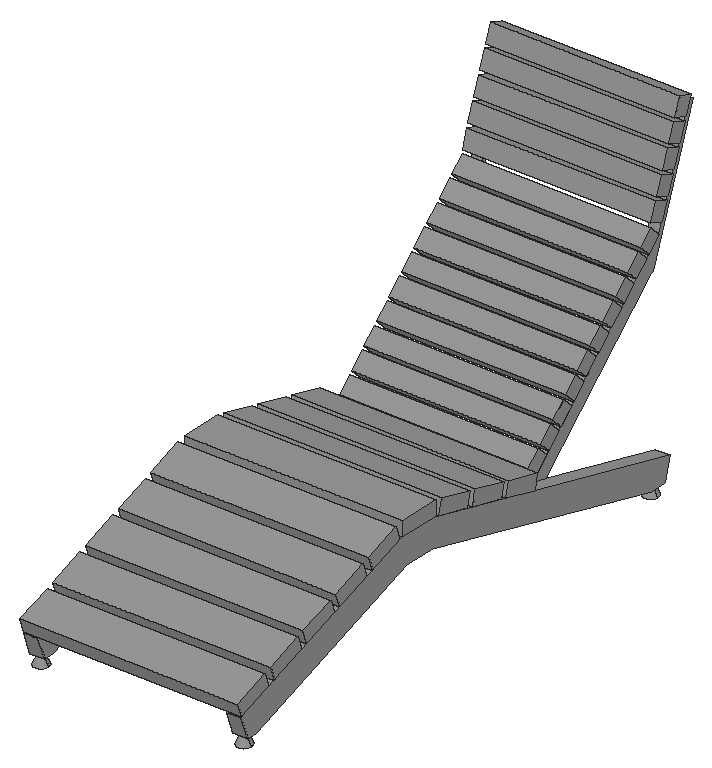
Revit family "11061 Лежак «Городской» Хоббика", category Антураж, Revit 2018
Family settings
  На основе рабочей плоскости = Нет
  Всегда вертикально = Да
  При загрузке вырезать с полостями = Нет
  Источник визуального образа = Геометрия семейства
  Общий = Нет
  Точка расчета площади = Нет
Parameters (values of type "Лежак «Городской»")
  Ширина = 600 mm  # constant formula
  Цвет отделки = Дерево
  Цвет каркаса = Сталь
  Описание = "Лежак «Городской»"  # constant formula
  Материал изделия = "Сталь, дерево"  # constant formula
  Изображение типоразмера = Лежак «Городской» Арт 11061.jpg
  Изготовитель = "ООО «Хоббика»"  # constant formula
  Длина = 1633 mm  # constant formula
  Группа модели = "Лежаки и шезлонги"  # constant formula
  Высота = 930 mm  # constant formula
  Артикул товара = "Арт. 11061"  # constant formula
  URL = "https://hobbyka.ru/product/lezhak_gorodskoy"
Reference planes
  plane 1 "По центру (Вперед/Назад)": y = 0
  plane 2: z = 0
  plane 3 "По центру (Влево/Вправо)": x = 0
  plane 4: x = 600
  plane 5: y = 1633
  plane 6: z = 930
Forms (mm)
  Extrusion 1, solid, material "Сталь" <- "Цвет каркаса"
    sketch origin (0, 0, 0) x (0, 1, 0) y (0, 0, 1)
      loop
        line (1504.376, 87.334) -> (698.397, 290) -> (584.774, 290) -> (26.497, 86.804) -> (48.735, 25.706) -> (77.918, 25.706) -> (597.999, 215) -> (689.189, 215) -> (1441.405, 25.706) -> (1488.879, 25.706) -> (1504.376, 87.334)
    from 0 to 40
  Extrusion 2, solid, material "Сталь" <- "Цвет каркаса"
    sketch origin (0, 0, 0) x (0, 1, 0) y (0, 0, 1)
      loop
        line (1504.376, 87.334) -> (698.397, 290) -> (584.774, 290) -> (26.497, 86.804) -> (48.735, 25.706) -> (77.918, 25.706) -> (597.999, 215) -> (689.189, 215) -> (1441.405, 25.706) -> (1488.879, 25.706) -> (1504.376, 87.334)
    from 560 to 600
  Extrusion 3, solid, material "Сталь" <- "Цвет каркаса"
    sketch origin (0, 0, 0) x (0, 1, 0) y (0, 0, 1)
      loop
        line (1633, 900) -> (1623.603, 903.42) -> (1517.891, 612.98) -> (1015.925, 131.79) -> (1061.797, 120.353) -> (1487.902, 528.821) -> (1497.902, 528.821) -> (1633, 900)
    from 40 to 70
  Extrusion 4, solid, material "Сталь" <- "Цвет каркаса"
    sketch origin (0, 0, 0) x (0, 1, 0) y (0, 0, 1)
      loop
        line (1633, 900) -> (1623.603, 903.42) -> (1517.891, 612.98) -> (1015.925, 131.79) -> (1061.797, 120.353) -> (1487.902, 528.821) -> (1497.902, 528.821) -> (1633, 900)
    from 530 to 560
  Extrusion 5, solid, material "Дерево" <- "Цвет отделки"
    sketch origin (0, 0, 0) x (0, 1, 0) y (0, 0, 1)
      loop
        line (698.397, 290) -> (698.397, 330) -> (583.397, 330) -> (583.397, 290) -> (698.397, 290)
      loop
        line (574.162, 286.137) -> (560.481, 323.725) -> (466.511, 289.523) -> (480.192, 251.935) -> (574.162, 286.137)
      loop
        line (461.398, 245.095) -> (447.718, 282.683) -> (353.748, 248.481) -> (367.429, 210.893) -> (461.398, 245.095)
      loop
        line (348.635, 204.053) -> (334.955, 241.64) -> (240.985, 207.438) -> (254.666, 169.851) -> (348.635, 204.053)
      loop
        line (235.872, 163.01) -> (222.191, 200.598) -> (128.222, 166.396) -> (141.903, 128.808) -> (235.872, 163.01)
      loop
        line (123.109, 121.968) -> (109.428, 159.555) -> (15.459, 125.353) -> (29.14, 87.766) -> (123.109, 121.968)
      loop
        line (708.1, 287.581) -> (805.13, 263.389) -> (814.807, 302.2) -> (717.777, 326.393) -> (708.1, 287.581)
      loop
        line (824.536, 258.55) -> (921.565, 234.358) -> (931.242, 273.17) -> (834.213, 297.362) -> (824.536, 258.55)
      loop
        line (940.971, 229.52) -> (1038.001, 205.327) -> (1047.678, 244.139) -> (950.648, 268.331) -> (940.971, 229.52)
    from 0 to 600
  Extrusion 6, solid, material "Дерево" <- "Цвет отделки"
    sketch origin (0, 0, 0) x (0, 1, 0) y (0, 0, 1)
      loop
        line (1517.891, 612.98) -> (1490.205, 641.862) -> (1454.11, 607.261) -> (1481.797, 578.379) -> (1517.891, 612.98)
      loop
        line (1474.578, 571.459) -> (1446.891, 600.341) -> (1410.797, 565.741) -> (1438.484, 536.859) -> (1474.578, 571.459)
      loop
        line (1431.265, 529.939) -> (1403.578, 558.821) -> (1367.484, 524.22) -> (1395.17, 495.338) -> (1431.265, 529.939)
      loop
        line (1387.951, 488.418) -> (1360.265, 517.3) -> (1324.17, 482.7) -> (1351.857, 453.818) -> (1387.951, 488.418)
      loop
        line (1344.638, 446.897) -> (1316.951, 475.779) -> (1280.857, 441.179) -> (1308.544, 412.297) -> (1344.638, 446.897)
      loop
        line (1301.325, 405.377) -> (1273.638, 434.259) -> (1237.544, 399.658) -> (1265.23, 370.776) -> (1301.325, 405.377)
      loop
        line (1258.898, 362.951) -> (1231.212, 391.832) -> (1195.117, 357.232) -> (1222.804, 328.35) -> (1258.898, 362.951)
      loop
        line (1215.585, 321.43) -> (1187.898, 350.312) -> (1151.804, 315.712) -> (1179.491, 286.83) -> (1215.585, 321.43)
      loop
        line (1173.159, 279.004) -> (1145.472, 307.886) -> (1109.378, 273.285) -> (1137.064, 244.403) -> (1173.159, 279.004)
      loop
        line (1129.845, 237.483) -> (1102.159, 266.365) -> (1066.064, 231.765) -> (1093.751, 202.883) -> (1129.845, 237.483)
      loop
        line (1527.355, 638.982) -> (1544.456, 685.966) -> (1506.869, 699.647) -> (1489.768, 652.663) -> (1527.355, 638.982)
      loop
        line (1547.877, 695.363) -> (1564.978, 742.348) -> (1527.39, 756.029) -> (1510.289, 709.044) -> (1547.877, 695.363)
      loop
        line (1568.398, 751.745) -> (1585.499, 798.729) -> (1547.911, 812.41) -> (1530.81, 765.426) -> (1568.398, 751.745)
      loop
        line (1588.919, 808.126) -> (1606.02, 855.111) -> (1568.432, 868.792) -> (1551.331, 821.807) -> (1588.919, 808.126)
      loop
        line (1609.44, 864.508) -> (1626.541, 911.493) -> (1588.953, 925.173) -> (1571.852, 878.189) -> (1609.44, 864.508)
    from 40 to 560
  Blend 7, solid, material "Сталь" <- "Цвет каркаса"
    base sketch origin (-150, -31.42, 0) x (1, 0, 0) y (0, 1, 0)
      loop
        circle (170, 1496.562) r 20
    top sketch origin (-150, -31.42, 0) x (1, 0, 0) y (0, 1, 0)
      loop
        circle (170, 1496.562) r 7.5
    from 0 to 25.706
  Blend 8, solid, material "Сталь" <- "Цвет каркаса"
    base sketch origin (-150, -1440.236, 0) x (1, 0, 0) y (0, 1, 0)
      loop
        circle (170, 1503.562) r 20
    top sketch origin (-150, -1440.236, 0) x (1, 0, 0) y (0, 1, 0)
      loop
        circle (170, 1503.562) r 7.5
    from 0 to 25.706
  Blend 9, solid, material "Сталь" <- "Цвет каркаса"
    base sketch origin (590, -31.42, 0) x (1, 0, 0) y (0, 1, 0)
      loop
        circle (-10, 1496.562) r 20
    top sketch origin (590, -31.42, 0) x (1, 0, 0) y (0, 1, 0)
      loop
        circle (-10, 1496.562) r 7.5
    from 0 to 25.706
  Blend 10, solid, material "Сталь" <- "Цвет каркаса"
    base sketch origin (590, -1440.236, 0) x (1, 0, 0) y (0, 1, 0)
      loop
        circle (-10, 1503.562) r 20
    top sketch origin (590, -1440.236, 0) x (1, 0, 0) y (0, 1, 0)
      loop
        circle (-10, 1503.562) r 7.5
    from 0 to 25.706
Lines and regions (mm)
  symbolic lines
    curve 1: line (0, 1293, 0) -> (0, 1853, 0)
Dimensions and locks
  "Длина": plane 5 to plane 1 "По центру (Вперед/Назад)"
  "Ширина": plane 3 "По центру (Влево/Вправо)" to plane 4
  "Высота": plane 6 to plane 2
  aligned and locked: level to plane 2
Automatic sketch dimensions
  Extrusion 1 sketch curve to plane 1 "По центру (Вперед/Назад)" = 26.497 mm
  level to Extrusion 1 sketch curve = 25.706 mm  (x2)
  Extrusion 1 sketch curve to plane 1 "По центру (Вперед/Назад)" = 48.735 mm
  Extrusion 1 sketch curve to Extrusion 1 sketch curve = 29.183 mm
  level to Extrusion 1 sketch curve = 290 mm
  Extrusion 1 sketch curve to Extrusion 1 sketch curve = 506.856 mm
  level to Extrusion 1 sketch curve = 215 mm
  Extrusion 1 sketch curve to Extrusion 1 sketch curve = 13.225 mm
  Extrusion 1 sketch curve to Extrusion 1 sketch curve = 91.19 mm
  Extrusion 1 sketch curve to Extrusion 1 sketch curve = 9.209 mm
  Extrusion 1 sketch curve to plane 5 = 191.595 mm
  Extrusion 1 sketch curve to Extrusion 1 sketch curve = 47.475 mm
  level to Extrusion 1 sketch curve = 87.334 mm
  Extrusion 2 sketch curve to plane 1 "По центру (Вперед/Назад)" = 26.497 mm
  level to Extrusion 2 sketch curve = 25.706 mm  (x2)
  Extrusion 2 sketch curve to plane 1 "По центру (Вперед/Назад)" = 48.735 mm
  Extrusion 2 sketch curve to Extrusion 2 sketch curve = 29.183 mm
  level to Extrusion 2 sketch curve = 290 mm
  Extrusion 2 sketch curve to Extrusion 2 sketch curve = 506.856 mm
  level to Extrusion 2 sketch curve = 215 mm
  Extrusion 2 sketch curve to Extrusion 2 sketch curve = 13.225 mm
  Extrusion 2 sketch curve to Extrusion 2 sketch curve = 91.19 mm
  Extrusion 2 sketch curve to Extrusion 2 sketch curve = 9.209 mm
  Extrusion 2 sketch curve to plane 5 = 191.595 mm
  Extrusion 2 sketch curve to Extrusion 2 sketch curve = 47.475 mm
  level to Extrusion 2 sketch curve = 87.334 mm
  Extrusion 3 sketch curve to plane 5 = 0 mm
  Extrusion 3 sketch curve to plane 5 = 9.397 mm
  Extrusion 3 sketch curve to plane 5 = 115.109 mm
  Extrusion 3 sketch curve to Extrusion 3 sketch curve = 19.989 mm
  Extrusion 3 sketch curve to Extrusion 3 sketch curve = 10 mm
  level to Extrusion 3 sketch curve = 120.353 mm
  Extrusion 3 sketch curve to plane 5 = 571.203 mm
  level to Extrusion 3 sketch curve = 131.79 mm
  Extrusion 3 sketch curve to Extrusion 3 sketch curve = 45.872 mm
  Extrusion 3 sketch curve to plane 6 = 401.179 mm
  Extrusion 3 sketch curve to Extrusion 3 sketch curve = 84.158 mm
  Extrusion 4 sketch curve to plane 5 = 0 mm
  Extrusion 4 sketch curve to plane 5 = 9.397 mm
  Extrusion 4 sketch curve to plane 5 = 115.109 mm
  Extrusion 4 sketch curve to Extrusion 4 sketch curve = 19.989 mm
  Extrusion 4 sketch curve to Extrusion 4 sketch curve = 10 mm
  level to Extrusion 4 sketch curve = 120.353 mm
  Extrusion 4 sketch curve to plane 5 = 571.203 mm
  level to Extrusion 4 sketch curve = 131.79 mm
  Extrusion 4 sketch curve to Extrusion 4 sketch curve = 45.872 mm
  Extrusion 4 sketch curve to plane 6 = 401.179 mm
  Extrusion 4 sketch curve to Extrusion 4 sketch curve = 84.158 mm
  Extrusion 5 sketch curve to plane 1 "По центру (Вперед/Назад)" = 15.459 mm
  Extrusion 5 sketch curve to plane 1 "По центру (Вперед/Назад)" = 29.14 mm
  Extrusion 5 sketch curve to Extrusion 5 sketch curve = 93.969 mm  (x5)
  Extrusion 5 sketch curve to Extrusion 5 sketch curve = 18.794 mm  (x8)
  level to Extrusion 5 sketch curve = 169.851 mm
  level to Extrusion 5 sketch curve = 241.64 mm
  level to Extrusion 5 sketch curve = 210.893 mm
  level to Extrusion 5 sketch curve = 282.683 mm
  level to Extrusion 5 sketch curve = 251.935 mm
  level to Extrusion 5 sketch curve = 323.725 mm
  Extrusion 5 sketch curve to Extrusion 5 sketch curve = 22.917 mm
  Extrusion 5 sketch curve to Extrusion 5 sketch curve = 115 mm
  level to Extrusion 5 sketch curve = 287.581 mm
  Extrusion 5 sketch curve to Extrusion 5 sketch curve = 9.703 mm
  level to Extrusion 5 sketch curve = 326.393 mm
  Extrusion 5 sketch curve to Extrusion 5 sketch curve = 19.38 mm
  level to Extrusion 5 sketch curve = 263.389 mm
  level to Extrusion 5 sketch curve = 258.55 mm
  Extrusion 5 sketch curve to Extrusion 5 sketch curve = 19.406 mm  (x4)
  level to Extrusion 5 sketch curve = 297.362 mm
  level to Extrusion 5 sketch curve = 234.358 mm
  level to Extrusion 5 sketch curve = 229.52 mm
  level to Extrusion 5 sketch curve = 268.331 mm
  level to Extrusion 5 sketch curve = 205.327 mm
  Extrusion 5 sketch curve to Extrusion 5 sketch curve = 41.042 mm
  Extrusion 5 sketch curve to Extrusion 5 sketch curve = 6.84 mm  (x2)
  Extrusion 5 sketch curve to Extrusion 5 sketch curve = 34.202 mm
  Extrusion 5 sketch curve to Extrusion 5 sketch curve = 2.419 mm
  Extrusion 5 sketch curve to Extrusion 5 sketch curve = 3.607 mm
  level to Extrusion 6 sketch curve = 231.765 mm
  Extrusion 6 sketch curve to plane 5 = 566.936 mm
  level to Extrusion 6 sketch curve = 202.883 mm
  Extrusion 6 sketch curve to Extrusion 6 sketch curve = 27.687 mm
  level to Extrusion 6 sketch curve = 266.365 mm
  Extrusion 6 sketch curve to Extrusion 6 sketch curve = 7.219 mm  (x14)
  level to Extrusion 6 sketch curve = 244.403 mm
  level to Extrusion 6 sketch curve = 307.886 mm
  Extrusion 6 sketch curve to Extrusion 6 sketch curve = 36.094 mm  (x8)
  Extrusion 6 sketch curve to Extrusion 6 sketch curve = 6.332 mm  (x4)
  level to Extrusion 6 sketch curve = 286.83 mm
  level to Extrusion 6 sketch curve = 350.312 mm
  Extrusion 6 sketch curve to Extrusion 6 sketch curve = 35.657 mm
  Extrusion 6 sketch curve to Extrusion 6 sketch curve = 0.437 mm
  Extrusion 6 sketch curve to Extrusion 6 sketch curve = 17.101 mm  (x4)
  Extrusion 6 sketch curve to Extrusion 6 sketch curve = 3.42 mm  (x8)
  Extrusion 6 sketch curve to Extrusion 6 sketch curve = 9.464 mm
  Extrusion 6 sketch curve to plane 6 = 4.827 mm
  Extrusion 6 sketch curve to plane 5 = 44.047 mm
  Extrusion 6 sketch curve to Extrusion 6 sketch curve = 6.92 mm  (x12)
  Extrusion 6 sketch curve to Extrusion 6 sketch curve = 7.826 mm  (x2)
  Extrusion 6 sketch curve to Extrusion 6 sketch curve = 26.002 mm
  Extrusion 6 sketch curve to Extrusion 6 sketch curve = 10.801 mm
  Extrusion 6 sketch curve to Extrusion 6 sketch curve = 9.397 mm  (x7)
  plane 3 "По центру (Влево/Вправо)" to Blend 7 sketch curve = 20 mm  (x2)
  Blend 7 sketch curve to plane 5 = 167.858 mm  (x2)
  Blend 8 sketch curve to plane 1 "По центру (Вперед/Назад)" = 63.326 mm  (x2)
  plane 3 "По центру (Влево/Вправо)" to Blend 8 sketch curve = 20 mm  (x2)
  Blend 9 sketch curve to plane 4 = 20 mm  (x2)
  Blend 9 sketch curve to plane 5 = 167.858 mm  (x2)
  Blend 10 sketch curve to plane 4 = 20 mm  (x2)
  Blend 10 sketch curve to plane 1 "По центру (Вперед/Назад)" = 63.326 mm  (x2)
  curve 1 to plane 3 "По центру (Влево/Вправо)" = 0 mm
  plane 5 to curve 1 = 220 mm
  curve 1 to plane 5 = 340 mm
  radius of Blend 7 sketch curve = 20 mm
  radius of Blend 7 sketch curve = 7.5 mm
  radius of Blend 8 sketch curve = 20 mm
  radius of Blend 8 sketch curve = 7.5 mm
  radius of Blend 9 sketch curve = 20 mm
  radius of Blend 9 sketch curve = 7.5 mm
  radius of Blend 10 sketch curve = 20 mm
  radius of Blend 10 sketch curve = 7.5 mm
